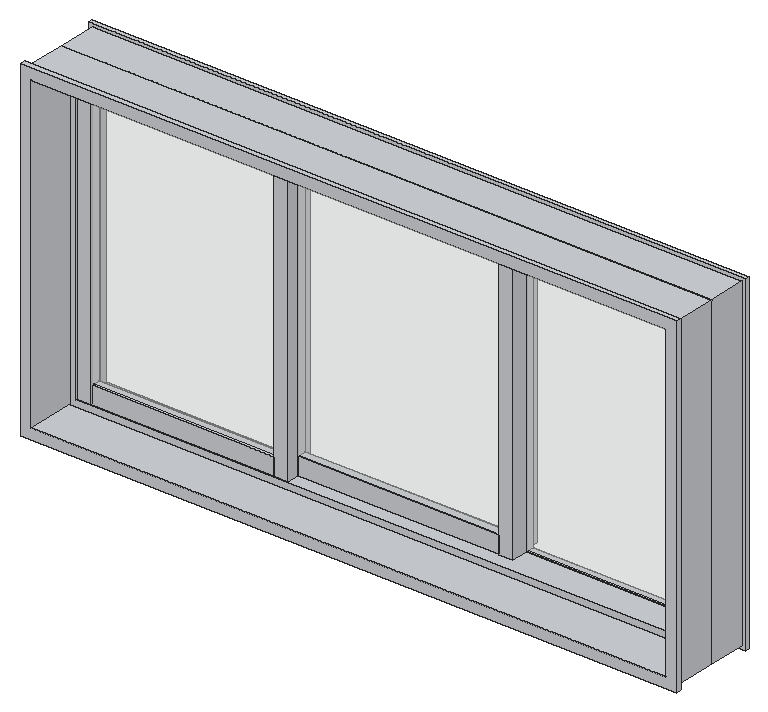
Revit family "APL Residential Thermal Heart Sliding Window SSF", category Windows, host Wall, Revit 2017 (continued)
Definition of nested family "APL Residential Thermal Heart Sliding Window SSF Vertical Section"
  Definition of nested family "Three Panel Sill"
    Definition of nested family "65390_Frame Sill"
      Lines and regions (mm)
        model lines, in view "Ref. Level"
          curve 441: arc (74.145, 4.9, 0) -> (74.718, 4.719, 0) -> (75.084, 4.242, 0) r 1
          curve 442: arc (75.877, 2.063, 0) -> (76.024, 1.872, 0) -> (76.253, 1.8, 0) r 0.4
          curve 443: arc (78.947, 1.8, 0) -> (79.176, 1.872, 0) -> (79.323, 2.063, 0) r 0.4
          curve 444: arc (80.116, 4.242, 0) -> (80.482, 4.719, 0) -> (81.055, 4.9, 0) r 1
          curve 445: arc (81.978, 4.9, 0) -> (82.289, 4.941, 0) -> (82.579, 5.061, 0) r 1.2
          curve 446: arc (84.107, 5.946, 0) -> (84.204, 5.986, 0) -> (84.307, 6, 0) r 0.4
          curve 447: arc (84.6, 6, 0) -> (84.883, 5.883, 0) -> (85, 5.6, 0) r 0.4
          curve 448: arc (85, 2.2, 0) -> (84.883, 1.917, 0) -> (84.6, 1.8, 0) r 0.4
          curve 449: arc (84.307, 1.8, 0) -> (84.204, 1.814, 0) -> (84.107, 1.854, 0) r 0.4
          curve 450: arc (82.579, 2.738, 0) -> (82.285, 2.86, 0) -> (81.97, 2.9, 0) r 1.2
          curve 451: arc (81.97, 2.9, 0) -> (81.795, 2.847, 0) -> (81.684, 2.703, 0) r 0.3
          curve 452: arc (80.796, 0.263, 0) -> (80.649, 0.072, 0) -> (80.42, 0, 0) r 0.4
          curve 453: arc (74.78, 0, 0) -> (74.551, 0.072, 0) -> (74.404, 0.263, 0) r 0.4
          curve 454: arc (73.516, 2.703, 0) -> (73.405, 2.847, 0) -> (73.23, 2.9, 0) r 0.3
          curve 455: arc (73.23, 2.9, 0) -> (72.915, 2.86, 0) -> (72.621, 2.738, 0) r 1.2
          curve 456: arc (71.093, 1.854, 0) -> (70.996, 1.814, 0) -> (70.893, 1.8, 0) r 0.4
          curve 457: arc (70.6, 1.8, 0) -> (70.317, 1.917, 0) -> (70.2, 2.2, 0) r 0.4
          curve 458: line (70.6, 6, 0) -> (70.893, 6, 0)
          curve 459: line (71.093, 5.946, 0) -> (72.621, 5.061, 0)
          curve 460: line (73.222, 4.9, 0) -> (74.145, 4.9, 0)
          curve 461: line (75.084, 4.242, 0) -> (75.877, 2.063, 0)
          curve 462: line (76.253, 1.8, 0) -> (78.947, 1.8, 0)
          curve 463: line (79.323, 2.063, 0) -> (80.116, 4.242, 0)
          curve 464: line (81.055, 4.9, 0) -> (81.978, 4.9, 0)
          curve 465: line (82.579, 5.061, 0) -> (84.107, 5.946, 0)
          curve 466: line (84.307, 6, 0) -> (84.6, 6, 0)
          curve 467: line (85, 5.6, 0) -> (85, 2.2, 0)
          curve 468: line (84.6, 1.8, 0) -> (84.307, 1.8, 0)
          curve 469: line (84.107, 1.854, 0) -> (82.579, 2.738, 0)
          curve 470: line (81.684, 2.703, 0) -> (80.796, 0.263, 0)
          curve 471: line (80.42, 0, 0) -> (74.78, 0, 0)
          curve 472: line (74.404, 0.263, 0) -> (73.516, 2.703, 0)
          curve 473: line (72.621, 2.738, 0) -> (71.093, 1.854, 0)
          curve 474: line (70.893, 1.8, 0) -> (70.6, 1.8, 0)
          curve 475: line (70.2, 2.2, 0) -> (70.2, 5.6, 0)
          curve 476: arc (112.9, 34.5, 0) -> (112.841, 34.359, 0) -> (112.7, 34.3, 0) r 0.2
          curve 477: arc (111.7, 34.3, 0) -> (111.559, 34.359, 0) -> (111.5, 34.5, 0) r 0.2
          curve 478: arc (111.5, 35.35, 0) -> (111, 35.85, 0) -> (110.5, 35.35, 0) r 0.5
          curve 479: arc (110.5, 32.8, 0) -> (111, 32.3, 0) -> (111.5, 32.8, 0) r 0.5
          curve 480: arc (111.5, 33.1, 0) -> (111.559, 33.241, 0) -> (111.7, 33.3, 0) r 0.2
          curve 481: arc (112.4, 33.3, 0) -> (112.541, 33.241, 0) -> (112.6, 33.1, 0) r 0.2
          curve 482: arc (114.4, 33.1, 0) -> (114.459, 33.241, 0) -> (114.6, 33.3, 0) r 0.2
          curve 483: arc (115.3, 33.3, 0) -> (115.441, 33.241, 0) -> (115.5, 33.1, 0) r 0.2
          curve 484: arc (115.5, 32.8, 0) -> (116, 32.3, 0) -> (116.5, 32.8, 0) r 0.5
          curve 485: arc (116.5, 35.35, 0) -> (116, 35.85, 0) -> (115.5, 35.35, 0) r 0.5
          curve 486: arc (115.5, 34.5, 0) -> (115.441, 34.359, 0) -> (115.3, 34.3, 0) r 0.2
          curve 487: arc (114.3, 34.3, 0) -> (114.159, 34.359, 0) -> (114.1, 34.5, 0) r 0.2
          curve 488: arc (114.1, 41.8, 0) -> (114.159, 41.941, 0) -> (114.3, 42, 0) r 0.2
          curve 489: arc (115.299, 42, 0) -> (115.441, 41.942, 0) -> (115.5, 41.8, 0) r 0.2
          curve 490: arc (115.5, 40.95, 0) -> (116, 40.45, 0) -> (116.5, 40.95, 0) r 0.5
          curve 491: arc (116.5, 42.5, 0) -> (116.354, 42.854, 0) -> (116, 43, 0) r 0.5
          curve 492: arc (111, 43, 0) -> (110.646, 42.854, 0) -> (110.5, 42.5, 0) r 0.5
          curve 493: arc (110.5, 40.95, 0) -> (111, 40.45, 0) -> (111.5, 40.95, 0) r 0.5
          curve 494: arc (111.5, 41.8, 0) -> (111.559, 41.941, 0) -> (111.7, 42, 0) r 0.2
          curve 495: arc (112.7, 42, 0) -> (112.841, 41.941, 0) -> (112.9, 41.8, 0) r 0.2
          curve 496: arc (114.4, 16.5, 0) -> (114.546, 16.146, 0) -> (114.9, 16, 0) r 0.5
          curve 497: arc (117.117, 16, 0) -> (117.422, 15.801, 0) -> (117.695, 16.043, 0) r 0.3
          curve 498: arc (117.695, 16.043, 0) -> (117.761, 16.181, 0) -> (117.887, 16.268, 0) r 0.3
          curve 499: arc (119.297, 16.782, 0) -> (119.583, 16.738, 0) -> (119.699, 16.474, 0) r 0.3
          curve 500: arc (119.492, 14.108, 0) -> (119.465, 14.008, 0) -> (119.405, 13.922, 0) r 0.3
          curve 501: arc (119.041, 13.559, 0) -> (118.848, 13.507, 0) -> (118.707, 13.648, 0) r 0.2
          curve 502: arc (118.662, 13.816, 0) -> (118.61, 13.905, 0) -> (118.521, 13.957, 0) r 0.2
          curve 503: arc (116.3, 14.5, 0) -> (116.02, 14.307, 0) -> (116.1, 13.976, 0) r 0.3
          curve 504: arc (116.1, 13.976, 0) -> (116.174, 13.875, 0) -> (116.2, 13.753, 0) r 0.3
          curve 505: arc (116.006, 9.75, 0) -> (116.042, 9.578, 0) -> (116.2, 9.5, 0) r 0.2
          curve 506: arc (116.721, 9.5, 0) -> (116.802, 9.511, 0) -> (116.877, 9.544, 0) r 0.3
          curve 507: arc (118.131, 10.309, 0) -> (118.128, 10.479, 0) -> (118.234, 10.611, 0) r 0.25
          curve 508: arc (118.32, 10.663, 0) -> (118.572, 10.668, 0) -> (118.7, 10.45, 0) r 0.25
          curve 509: arc (118.7, 8.874, 0) -> (118.618, 8.477, 0) -> (118.385, 8.146, 0) r 1
          curve 510: arc (118.385, 8.146, 0) -> (118.322, 8, 0) -> (118.385, 7.854, 0) r 0.2
          curve 511: arc (118.385, 7.854, 0) -> (118.618, 7.523, 0) -> (118.7, 7.126, 0) r 1
          curve 512: arc (118.7, 5.55, 0) -> (118.572, 5.332, 0) -> (118.32, 5.337, 0) r 0.25
          curve 513: arc (118.234, 5.389, 0) -> (118.128, 5.521, 0) -> (118.131, 5.691, 0) r 0.25
          curve 514: arc (116.877, 6.456, 0) -> (116.802, 6.489, 0) -> (116.721, 6.5, 0) r 0.3
          curve 515: arc (116.2, 6.5, 0) -> (116.042, 6.422, 0) -> (116.006, 6.25, 0) r 0.2
          curve 516: arc (116.2, 2.247, 0) -> (116.174, 2.125, 0) -> (116.1, 2.024, 0) r 0.3
          curve 517: arc (116.1, 2.024, 0) -> (116.02, 1.693, 0) -> (116.3, 1.5, 0) r 0.3
          curve 518: arc (118.521, 2.043, 0) -> (118.61, 2.095, 0) -> (118.662, 2.184, 0) r 0.2
          curve 519: arc (118.707, 2.352, 0) -> (118.848, 2.493, 0) -> (119.041, 2.441, 0) r 0.2
          curve 520: arc (119.405, 2.078, 0) -> (119.465, 1.992, 0) -> (119.492, 1.892, 0) r 0.3
          curve 521: arc (119.699, -0.474, 0) -> (119.583, -0.738, 0) -> (119.297, -0.782, 0) r 0.3
          curve 522: arc (117.887, -0.268, 0) -> (117.761, -0.181, 0) -> (117.695, -0.043, 0) r 0.3
          curve 523: arc (117.695, -0.043, 0) -> (117.422, 0.199, 0) -> (117.117, 0, 0) r 0.3
          curve 524: arc (114.8, 0, 0) -> (114.446, 0.146, 0) -> (114.3, 0.5, 0) r 0.5
          curve 525: arc (114.3, 5, 0) -> (114.241, 5.141, 0) -> (114.1, 5.2, 0) r 0.2
          curve 526: arc (105.3, 5.2, 0) -> (104.946, 5.346, 0) -> (104.8, 5.7, 0) r 0.5
          curve 527: arc (104.8, 6.2, 0) -> (104.946, 6.554, 0) -> (105.3, 6.7, 0) r 0.5
          curve 528: arc (106.727, 6.7, 0) -> (107.066, 6.833, 0) -> (107.226, 7.16, 0) r 0.5
          curve 529: arc (107.226, 7.16, 0) -> (107.712, 7.803, 0) -> (108.5, 7.634, 0) r 0.75
          curve 530: arc (108.5, 7.634, 0) -> (109.8, 7.1, 0) -> (111.1, 7.634, 0) r 1.85
          curve 531: arc (111.1, 7.634, 0) -> (111.242, 7.744, 0) -> (111.407, 7.817, 0) r 0.75
          curve 532: arc (111.407, 7.817, 0) -> (111.591, 7.92, 0) -> (111.716, 8.09, 0) r 0.5
          curve 533: arc (111.716, 8.09, 0) -> (111.9, 8.95, 0) -> (111.716, 9.81, 0) r 2.1
          curve 534: arc (111.716, 9.81, 0) -> (111.591, 9.98, 0) -> (111.407, 10.083, 0) r 0.5
          curve 535: arc (111.407, 10.083, 0) -> (111.242, 10.156, 0) -> (111.1, 10.266, 0) r 0.75
          curve 536: arc (111.1, 10.266, 0) -> (109.8, 10.8, 0) -> (108.5, 10.266, 0) r 1.85
          curve 537: arc (108.5, 10.266, 0) -> (107.831, 10.064, 0) -> (107.286, 10.5, 0) r 0.75
          curve 538: arc (107.286, 10.5, 0) -> (107.101, 10.718, 0) -> (106.827, 10.8, 0) r 0.5
          curve 539: arc (102.3, 10.8, 0) -> (101.25, 11.081, 0) -> (100.481, 11.85, 0) r 2.1
          curve 540: arc (100.481, 11.85, 0) -> (100.298, 12.033, 0) -> (100.048, 12.1, 0) r 0.5
          curve 541: arc (91.556, 12.1, 0) -> (91.287, 12.022, 0) -> (91.103, 11.812, 0) r 0.5
          curve 542: arc (91.103, 11.812, 0) -> (90.328, 10.929, 0) -> (89.2, 10.6, 0) r 2.1
          curve 543: arc (87.9, 10.6, 0) -> (87.193, 10.307, 0) -> (86.9, 9.6, 0) r 1
          curve 544: arc (86.9, 0.5, 0) -> (86.754, 0.146, 0) -> (86.4, 0, 0) r 0.5
          curve 545: arc (84.083, 0, 0) -> (83.778, 0.199, 0) -> (83.505, -0.043, 0) r 0.3
          curve 546: arc (83.505, -0.043, 0) -> (83.439, -0.181, 0) -> (83.313, -0.268, 0) r 0.3
          curve 547: arc (81.903, -0.782, 0) -> (81.617, -0.738, 0) -> (81.501, -0.474, 0) r 0.3
          curve 548: arc (81.708, 1.892, 0) -> (81.735, 1.992, 0) -> (81.795, 2.078, 0) r 0.3
          curve 549: arc (82.159, 2.441, 0) -> (82.352, 2.493, 0) -> (82.493, 2.352, 0) r 0.2
          curve 550: arc (82.538, 2.184, 0) -> (82.59, 2.095, 0) -> (82.679, 2.043, 0) r 0.2
          curve 551: arc (84.9, 1.5, 0) -> (85.18, 1.693, 0) -> (85.1, 2.024, 0) r 0.3
          curve 552: arc (85.1, 2.024, 0) -> (85.026, 2.125, 0) -> (85, 2.247, 0) r 0.3
          curve 553: arc (85.194, 6.25, 0) -> (85.158, 6.422, 0) -> (85, 6.5, 0) r 0.2
          curve 554: arc (84.479, 6.5, 0) -> (84.398, 6.489, 0) -> (84.323, 6.456, 0) r 0.3
          curve 555: arc (83.069, 5.691, 0) -> (83.072, 5.521, 0) -> (82.966, 5.389, 0) r 0.25
          curve 556: arc (82.88, 5.337, 0) -> (82.628, 5.332, 0) -> (82.5, 5.55, 0) r 0.25
          curve 557: arc (82.5, 7.126, 0) -> (82.582, 7.523, 0) -> (82.815, 7.854, 0) r 1
          curve 558: arc (82.815, 7.854, 0) -> (82.878, 8, 0) -> (82.815, 8.146, 0) r 0.2
          curve 559: arc (82.815, 8.146, 0) -> (82.582, 8.477, 0) -> (82.5, 8.874, 0) r 1
          curve 560: arc (82.5, 10.45, 0) -> (82.628, 10.668, 0) -> (82.88, 10.663, 0) r 0.25
          curve 561: arc (82.966, 10.611, 0) -> (83.072, 10.479, 0) -> (83.069, 10.309, 0) r 0.25
          curve 562: arc (84.323, 9.544, 0) -> (84.398, 9.511, 0) -> (84.479, 9.5, 0) r 0.3
          curve 563: arc (85, 9.5, 0) -> (85.158, 9.578, 0) -> (85.194, 9.75, 0) r 0.2
          curve 564: arc (85, 13.753, 0) -> (85.026, 13.875, 0) -> (85.1, 13.976, 0) r 0.3
          curve 565: arc (85.1, 13.976, 0) -> (85.18, 14.307, 0) -> (84.9, 14.5, 0) r 0.3
          curve 566: arc (82.679, 13.957, 0) -> (82.59, 13.905, 0) -> (82.538, 13.816, 0) r 0.2
          curve 567: arc (82.493, 13.648, 0) -> (82.352, 13.507, 0) -> (82.159, 13.559, 0) r 0.2
          curve 568: arc (81.795, 13.922, 0) -> (81.735, 14.008, 0) -> (81.708, 14.108, 0) r 0.3
          curve 569: arc (81.501, 16.474, 0) -> (81.617, 16.738, 0) -> (81.903, 16.782, 0) r 0.3
          curve 570: arc (83.313, 16.268, 0) -> (83.439, 16.181, 0) -> (83.505, 16.043, 0) r 0.3
          curve 571: arc (83.505, 16.043, 0) -> (83.778, 15.801, 0) -> (84.083, 16, 0) r 0.3
          curve 572: arc (86.7, 16, 0) -> (86.841, 15.941, 0) -> (86.9, 15.8, 0) r 0.2
          curve 573: arc (86.9, 12.7, 0) -> (86.959, 12.559, 0) -> (87.1, 12.5, 0) r 0.2
          curve 574: arc (89.2, 12.5, 0) -> (89.341, 12.559, 0) -> (89.4, 12.7, 0) r 0.2
          curve 575: arc (89.4, 13.8, 0) -> (89.459, 13.941, 0) -> (89.6, 14, 0) r 0.2
          curve 576: arc (101.9, 14, 0) -> (102.042, 13.941, 0) -> (102.1, 13.8, 0) r 0.2
          curve 577: arc (102.1, 12.9, 0) -> (102.159, 12.759, 0) -> (102.3, 12.7, 0) r 0.2
          curve 578: arc (109.1, 12.7, 0) -> (109.454, 12.846, 0) -> (109.6, 13.2, 0) r 0.5
          curve 579: arc (109.6, 14.5, 0) -> (109.541, 14.641, 0) -> (109.4, 14.7, 0) r 0.2
          curve 580: arc (107.3, 14.7, 0) -> (107.159, 14.759, 0) -> (107.1, 14.9, 0) r 0.2
          curve 581: arc (107.1, 15.8, 0) -> (107.159, 15.941, 0) -> (107.3, 16, 0) r 0.2
          curve 582: arc (112.1, 16, 0) -> (112.454, 16.146, 0) -> (112.6, 16.5, 0) r 0.5
          curve 583: line (112.7, 34.3, 0) -> (111.7, 34.3, 0)
          curve 584: line (111.5, 34.5, 0) -> (111.5, 35.35, 0)
          curve 585: line (110.5, 35.35, 0) -> (110.5, 32.8, 0)
          curve 586: line (111.5, 32.8, 0) -> (111.5, 33.1, 0)
          curve 587: line (111.7, 33.3, 0) -> (112.4, 33.3, 0)
          curve 588: line (112.6, 33.1, 0) -> (112.6, 22.5, 0)
          curve 589: line (112.6, 22.5, 0) -> (114.4, 22.5, 0)
          curve 590: line (114.4, 22.5, 0) -> (114.4, 33.1, 0)
          curve 591: line (114.6, 33.3, 0) -> (115.3, 33.3, 0)
          curve 592: line (115.5, 33.1, 0) -> (115.5, 32.8, 0)
          curve 593: line (116.5, 32.8, 0) -> (116.5, 35.35, 0)
          curve 594: line (115.5, 35.35, 0) -> (115.5, 34.5, 0)
          curve 595: line (115.3, 34.3, 0) -> (114.3, 34.3, 0)
          curve 596: line (114.1, 34.5, 0) -> (114.1, 41.8, 0)
          curve 597: line (114.3, 42, 0) -> (115.299, 42, 0)
          curve 598: line (115.5, 41.8, 0) -> (115.5, 40.95, 0)
          curve 599: line (116.5, 40.95, 0) -> (116.5, 42.5, 0)
          curve 600: line (116, 43, 0) -> (111, 43, 0)
          curve 601: line (110.5, 42.5, 0) -> (110.5, 40.95, 0)
          curve 602: line (111.5, 40.95, 0) -> (111.5, 41.8, 0)
          curve 603: line (111.7, 42, 0) -> (112.7, 42, 0)
          curve 604: line (112.9, 41.8, 0) -> (112.9, 34.5, 0)
          curve 605: line (112.6, 22.5, 0) -> (112.6, 16.5, 0)
          curve 606: line (112.6, 16.5, 0) -> (114.4, 16.5, 0)
          curve 607: line (114.4, 16.5, 0) -> (114.4, 22.5, 0)
          curve 608: line (114.9, 16, 0) -> (117.117, 16, 0)
          curve 609: line (117.887, 16.268, 0) -> (119.297, 16.782, 0)
          curve 610: line (119.699, 16.474, 0) -> (119.492, 14.108, 0)
          curve 611: line (119.405, 13.922, 0) -> (119.041, 13.559, 0)
          curve 612: line (118.707, 13.648, 0) -> (118.662, 13.816, 0)
          curve 613: line (118.662, 13.816, 0) -> (116.532, 14.49, 0)
          curve 614: line (116.532, 14.49, 0) -> (116.3, 14.5, 0)
          curve 615: line (116.2, 13.753, 0) -> (116.2, 10.525, 0)
          curve 616: line (116.2, 10.525, 0) -> (116.006, 9.75, 0)
          curve 617: line (116.2, 9.5, 0) -> (116.721, 9.5, 0)
          curve 618: line (116.721, 9.5, 0) -> (118.131, 10.309, 0)
          curve 619: line (118.7, 10.45, 0) -> (118.7, 8.874, 0)
          curve 620: line (118.7, 7.126, 0) -> (118.7, 5.55, 0)
          curve 621: line (118.131, 5.691, 0) -> (116.877, 6.456, 0)
          curve 622: line (116.877, 6.456, 0) -> (116.2, 6.5, 0)
          curve 623: line (116.006, 6.25, 0) -> (116.2, 5.5, 0)
          curve 624: line (116.194, 5.525, 0) -> (116.2, 2.247, 0)
          curve 625: line (116.454, 1.5, 0) -> (118.521, 2.043, 0)
          curve 626: line (118.521, 2.043, 0) -> (118.707, 2.352, 0)
          curve 627: line (119.041, 2.441, 0) -> (119.405, 2.078, 0)
          curve 628: line (119.492, 1.892, 0) -> (119.699, -0.474, 0)
          curve 629: line (119.297, -0.782, 0) -> (117.887, -0.268, 0)
          curve 630: line (117.117, 0, 0) -> (114.8, 0, 0)
          curve 631: line (114.3, 0.5, 0) -> (114.3, 5, 0)
          curve 632: line (114.1, 5.2, 0) -> (105.3, 5.2, 0)
          curve 633: line (104.8, 5.7, 0) -> (104.8, 6.2, 0)
          curve 634: line (105.3, 6.7, 0) -> (106.727, 6.7, 0)
          curve 635: line (106.827, 10.8, 0) -> (102.3, 10.8, 0)
          curve 636: line (100.048, 12.1, 0) -> (91.556, 12.1, 0)
          curve 637: line (89.2, 10.6, 0) -> (87.9, 10.6, 0)
          curve 638: line (86.9, 9.6, 0) -> (86.9, 0.5, 0)
          curve 639: line (86.4, 0, 0) -> (84.083, 0, 0)
          curve 640: line (83.313, -0.268, 0) -> (81.903, -0.782, 0)
          curve 641: line (81.501, -0.474, 0) -> (81.708, 1.892, 0)
          curve 642: line (81.795, 2.078, 0) -> (82.159, 2.441, 0)
          curve 643: line (82.493, 2.352, 0) -> (82.538, 2.184, 0)
          curve 644: line (82.538, 2.184, 0) -> (84.668, 1.51, 0)
          curve 645: line (84.668, 1.51, 0) -> (84.9, 1.5, 0)
          curve 646: line (85, 2.247, 0) -> (85, 5.475, 0)
          curve 647: line (85, 5.475, 0) -> (85.194, 6.25, 0)
          curve 648: line (85, 6.5, 0) -> (84.479, 6.5, 0)
          curve 649: line (84.479, 6.5, 0) -> (83.069, 5.691, 0)
          curve 650: line (82.5, 5.55, 0) -> (82.5, 7.126, 0)
          curve 651: line (82.5, 8.874, 0) -> (82.5, 10.45, 0)
          curve 652: line (83.069, 10.309, 0) -> (84.323, 9.544, 0)
          curve 653: line (84.323, 9.544, 0) -> (85, 9.5, 0)
          curve 654: line (85.194, 9.75, 0) -> (85.006, 10.475, 0)
          curve 655: line (85.006, 10.475, 0) -> (85, 13.753, 0)
          curve 656: line (84.746, 14.5, 0) -> (82.679, 13.957, 0)
          curve 657: line (82.679, 13.957, 0) -> (82.493, 13.648, 0)
          curve 658: line (82.159, 13.559, 0) -> (81.795, 13.922, 0)
          curve 659: line (81.708, 14.108, 0) -> (81.501, 16.474, 0)
          curve 660: line (81.903, 16.782, 0) -> (83.313, 16.268, 0)
          curve 661: line (84.083, 16, 0) -> (86.7, 16, 0)
          curve 662: line (86.9, 15.8, 0) -> (86.9, 12.7, 0)
          curve 663: line (87.1, 12.5, 0) -> (89.2, 12.5, 0)
          curve 664: line (89.4, 12.7, 0) -> (89.4, 13.8, 0)
          curve 665: line (89.6, 14, 0) -> (95.4, 14, 0)
          curve 666: line (95.4, 14, 0) -> (95.8, 13.6, 0)
          curve 667: line (95.8, 13.6, 0) -> (96.2, 14, 0)
          curve 668: line (96.2, 14, 0) -> (101.9, 14, 0)
          curve 669: line (102.1, 13.8, 0) -> (102.1, 12.9, 0)
          curve 670: line (102.3, 12.7, 0) -> (109.1, 12.7, 0)
          curve 671: line (109.6, 13.2, 0) -> (109.6, 14.5, 0)
          curve 672: line (109.4, 14.7, 0) -> (107.3, 14.7, 0)
          curve 673: line (107.1, 14.9, 0) -> (107.1, 15.8, 0)
          curve 674: line (107.3, 16, 0) -> (112.1, 16, 0)
          curve 675: arc (159.4, 35.877, 0) -> (159.327, 35.95, 0) -> (159.3, 36.05, 0) r 0.2
          curve 676: arc (159.3, 40.25, 0) -> (159.327, 40.35, 0) -> (159.4, 40.423, 0) r 0.2
          curve 677: arc (159.4, 40.423, 0) -> (159.473, 40.496, 0) -> (159.5, 40.596, 0) r 0.2
          curve 678: arc (159.5, 41.8, 0) -> (159.441, 41.941, 0) -> (159.3, 42, 0) r 0.2
          curve 679: arc (157.701, 42, 0) -> (157.559, 41.942, 0) -> (157.5, 41.8, 0) r 0.2
          curve 680: arc (157.5, 40.95, 0) -> (157, 40.451, 0) -> (156.5, 40.95, 0) r 0.5
          curve 681: arc (156.5, 42.5, 0) -> (156.646, 42.854, 0) -> (157, 43, 0) r 0.499
          curve 682: arc (160.5, 43, 0) -> (160.847, 42.847, 0) -> (161, 42.5, 0) r 0.523
          curve 683: arc (161, 21.5, 0) -> (160.856, 21.144, 0) -> (160.5, 21, 0) r 0.493
          curve 684: arc (157.7, 21, 0) -> (157.558, 20.942, 0) -> (157.5, 20.8, 0) r 0.199
          curve 685: arc (157.5, 13.199, 0) -> (156.852, 11.559, 0) -> (155.258, 10.805, 0) r 2.399
          curve 686: arc (155.258, 10.805, 0) -> (154.878, 10.588, 0) -> (154.814, 10.156, 0) r 0.5
          curve 687: arc (154.814, 10.156, 0) -> (155, 8.953, 0) -> (154.816, 7.75, 0) r 4
          curve 688: arc (154.816, 7.75, 0) -> (154.89, 7.304, 0) -> (155.293, 7.1, 0) r 0.5
          curve 689: arc (155.5, 7.1, 0) -> (156.914, 6.514, 0) -> (157.5, 5.1, 0) r 2.001
          curve 690: arc (166.75, 1.5, 0) -> (167.501, 0.747, 0) -> (166.745, 0, 0) r 0.75
          curve 691: arc (157.5, 0, 0) -> (156.439, 0.439, 0) -> (156, 1.5, 0) r 1.5
          curve 692: arc (156, 5, 0) -> (155.941, 5.141, 0) -> (155.8, 5.2, 0) r 0.2
          curve 693: arc (146.5, 5.2, 0) -> (146.146, 5.346, 0) -> (146, 5.7, 0) r 0.5
          curve 694: arc (146, 6.2, 0) -> (146.146, 6.554, 0) -> (146.5, 6.7, 0) r 0.5
          curve 695: arc (147.927, 6.7, 0) -> (148.266, 6.833, 0) -> (148.426, 7.16, 0) r 0.5
          curve 696: arc (148.426, 7.16, 0) -> (148.912, 7.803, 0) -> (149.7, 7.634, 0) r 0.75
          curve 697: arc (149.7, 7.634, 0) -> (151, 7.1, 0) -> (152.3, 7.634, 0) r 1.85
          curve 698: arc (152.3, 7.634, 0) -> (152.442, 7.744, 0) -> (152.607, 7.817, 0) r 0.75
          curve 699: arc (152.607, 7.817, 0) -> (152.791, 7.92, 0) -> (152.916, 8.09, 0) r 0.5
          curve 700: arc (152.916, 8.09, 0) -> (153.1, 8.95, 0) -> (152.916, 9.81, 0) r 2.1
          curve 701: arc (152.916, 9.81, 0) -> (152.791, 9.98, 0) -> (152.607, 10.083, 0) r 0.5
          curve 702: arc (152.607, 10.083, 0) -> (152.442, 10.156, 0) -> (152.3, 10.266, 0) r 0.75
          curve 703: arc (152.3, 10.266, 0) -> (151, 10.8, 0) -> (149.7, 10.266, 0) r 1.85
          curve 704: arc (149.7, 10.266, 0) -> (149.027, 10.064, 0) -> (148.482, 10.509, 0) r 0.75
          curve 705: arc (148.482, 10.509, 0) -> (148.32, 10.716, 0) -> (148.075, 10.812, 0) r 0.5
          curve 706: arc (148.075, 10.812, 0) -> (147.154, 11.14, 0) -> (146.481, 11.85, 0) r 2.1
          curve 707: arc (146.481, 11.85, 0) -> (146.298, 12.033, 0) -> (146.048, 12.1, 0) r 0.5
          curve 708: arc (137.556, 12.1, 0) -> (137.287, 12.022, 0) -> (137.103, 11.812, 0) r 0.5
          curve 709: arc (137.103, 11.812, 0) -> (136.328, 10.929, 0) -> (135.2, 10.6, 0) r 2.1
          curve 710: arc (133.9, 10.6, 0) -> (133.193, 10.307, 0) -> (132.9, 9.6, 0) r 1
          curve 711: arc (132.9, 0.5, 0) -> (132.754, 0.146, 0) -> (132.4, 0, 0) r 0.5
          curve 712: arc (130.083, 0, 0) -> (129.778, 0.199, 0) -> (129.505, -0.043, 0) r 0.3
          curve 713: arc (129.505, -0.043, 0) -> (129.439, -0.181, 0) -> (129.313, -0.268, 0) r 0.3
          curve 714: arc (127.903, -0.782, 0) -> (127.617, -0.738, 0) -> (127.501, -0.474, 0) r 0.3
          curve 715: arc (127.708, 1.892, 0) -> (127.735, 1.992, 0) -> (127.795, 2.078, 0) r 0.3
          curve 716: arc (128.159, 2.441, 0) -> (128.352, 2.493, 0) -> (128.493, 2.352, 0) r 0.2
          curve 717: arc (128.538, 2.184, 0) -> (128.59, 2.095, 0) -> (128.679, 2.043, 0) r 0.2
          curve 718: arc (130.9, 1.5, 0) -> (131.18, 1.693, 0) -> (131.1, 2.024, 0) r 0.3
          curve 719: arc (131.1, 2.024, 0) -> (131.026, 2.125, 0) -> (131, 2.247, 0) r 0.3
          curve 720: arc (131.194, 6.25, 0) -> (131.158, 6.422, 0) -> (131, 6.5, 0) r 0.2
          curve 721: arc (130.479, 6.5, 0) -> (130.398, 6.489, 0) -> (130.323, 6.456, 0) r 0.3
          curve 722: arc (129.069, 5.691, 0) -> (129.072, 5.521, 0) -> (128.966, 5.389, 0) r 0.25
          curve 723: arc (128.88, 5.337, 0) -> (128.628, 5.332, 0) -> (128.5, 5.55, 0) r 0.25
          curve 724: arc (128.5, 7.126, 0) -> (128.582, 7.523, 0) -> (128.815, 7.854, 0) r 1
          curve 725: arc (128.815, 7.854, 0) -> (128.878, 8, 0) -> (128.815, 8.146, 0) r 0.2
          curve 726: arc (128.815, 8.146, 0) -> (128.582, 8.477, 0) -> (128.5, 8.874, 0) r 1
          curve 727: arc (128.5, 10.45, 0) -> (128.628, 10.668, 0) -> (128.88, 10.663, 0) r 0.25
          curve 728: arc (128.966, 10.611, 0) -> (129.072, 10.479, 0) -> (129.069, 10.309, 0) r 0.25
          curve 729: arc (130.323, 9.544, 0) -> (130.398, 9.511, 0) -> (130.479, 9.5, 0) r 0.3
          curve 730: arc (131, 9.5, 0) -> (131.158, 9.578, 0) -> (131.194, 9.75, 0) r 0.2
          curve 731: arc (131, 13.753, 0) -> (131.026, 13.875, 0) -> (131.1, 13.976, 0) r 0.3
          curve 732: arc (131.1, 13.976, 0) -> (131.18, 14.307, 0) -> (130.9, 14.5, 0) r 0.3
          curve 733: arc (128.679, 13.957, 0) -> (128.59, 13.905, 0) -> (128.538, 13.816, 0) r 0.2
          curve 734: arc (128.493, 13.648, 0) -> (128.352, 13.507, 0) -> (128.159, 13.559, 0) r 0.2
          curve 735: arc (127.795, 13.922, 0) -> (127.735, 14.008, 0) -> (127.708, 14.108, 0) r 0.3
          curve 736: arc (127.501, 16.474, 0) -> (127.617, 16.738, 0) -> (127.903, 16.782, 0) r 0.3
          curve 737: arc (129.313, 16.268, 0) -> (129.439, 16.181, 0) -> (129.505, 16.043, 0) r 0.3
          curve 738: arc (129.505, 16.043, 0) -> (129.778, 15.801, 0) -> (130.083, 16, 0) r 0.3
          curve 739: arc (132.7, 16, 0) -> (132.841, 15.941, 0) -> (132.9, 15.8, 0) r 0.2
          curve 740: arc (132.9, 12.7, 0) -> (132.959, 12.559, 0) -> (133.1, 12.5, 0) r 0.2
          curve 741: arc (135.2, 12.5, 0) -> (135.341, 12.559, 0) -> (135.4, 12.7, 0) r 0.2
          curve 742: arc (135.4, 13.8, 0) -> (135.459, 13.941, 0) -> (135.6, 14, 0) r 0.2
          curve 743: arc (147.9, 14, 0) -> (148.042, 13.941, 0) -> (148.1, 13.8, 0) r 0.2
          curve 744: arc (148.1, 12.9, 0) -> (148.159, 12.759, 0) -> (148.3, 12.7, 0) r 0.2
          curve 745: arc (155.1, 12.7, 0) -> (155.454, 12.846, 0) -> (155.6, 13.2, 0) r 0.5
          curve 746: arc (155.6, 14.5, 0) -> (155.541, 14.641, 0) -> (155.4, 14.7, 0) r 0.2
          curve 747: arc (153.3, 14.7, 0) -> (153.159, 14.759, 0) -> (153.1, 14.9, 0) r 0.2
          curve 748: arc (153.1, 15.8, 0) -> (153.159, 15.941, 0) -> (153.3, 16, 0) r 0.2
          curve 749: arc (155.5, 16, 0) -> (155.854, 16.146, 0) -> (156, 16.5, 0) r 0.5
          curve 750: arc (156, 22.8, 0) -> (156.146, 23.154, 0) -> (156.5, 23.3, 0) r 0.5
          curve 751: arc (157.3, 23.3, 0) -> (157.441, 23.241, 0) -> (157.5, 23.1, 0) r 0.2
          curve 752: arc (159.3, 22.3, 0) -> (159.441, 22.359, 0) -> (159.5, 22.5, 0) r 0.2
          curve 753: arc (159.5, 27.4, 0) -> (159.1, 27.8, 0) -> (159.5, 28.2, 0) r 0.4
          curve 754: arc (159.5, 33.1, 0) -> (159.441, 33.241, 0) -> (159.3, 33.3, 0) r 0.2
          curve 755: arc (157.5, 32.7, 0) -> (157.383, 32.417, 0) -> (157.1, 32.3, 0) r 0.4
          curve 756: arc (157, 32.3, 0) -> (156.646, 32.447, 0) -> (156.5, 32.8, 0) r 0.5
          curve 757: arc (156.5, 35.35, 0) -> (157, 35.85, 0) -> (157.5, 35.35, 0) r 0.5
          curve 758: arc (157.5, 34.5, 0) -> (157.559, 34.359, 0) -> (157.7, 34.3, 0) r 0.2
          curve 759: arc (159.3, 34.3, 0) -> (159.441, 34.359, 0) -> (159.5, 34.5, 0) r 0.2
          curve 760: line (159.3, 36.05, 0) -> (159.3, 40.25, 0)
          curve 761: line (159.5, 40.596, 0) -> (159.5, 41.8, 0)
          curve 762: line (159.3, 42, 0) -> (157.701, 42, 0)
          curve 763: line (157.5, 41.8, 0) -> (157.5, 40.95, 0)
          curve 764: line (156.5, 40.95, 0) -> (156.5, 42.5, 0)
          curve 765: line (157, 43, 0) -> (160.5, 43, 0)
          curve 766: line (161, 42.5, 0) -> (161, 21.5, 0)
          curve 767: line (160.5, 21, 0) -> (157.7, 21, 0)
          curve 768: line (157.5, 20.8, 0) -> (157.5, 13.199, 0)
          curve 769: line (155.293, 7.1, 0) -> (155.5, 7.1, 0)
          curve 770: line (157.5, 5.1, 0) -> (157.5, 1.5, 0)
          curve 771: line (157.5, 1.5, 0) -> (166.75, 1.5, 0)
          curve 772: line (166.745, 0, 0) -> (165, 0, 0)
          curve 773: line (165, 0, 0) -> (164.6, 0.4, 0)
          curve 774: line (164.6, 0.4, 0) -> (158.3, 0.4, 0)
          curve 775: line (158.3, 0.4, 0) -> (157.9, 0, 0)
          curve 776: line (157.9, 0, 0) -> (157.5, 0, 0)
          curve 777: line (156, 1.5, 0) -> (156, 5, 0)
          curve 778: line (155.8, 5.2, 0) -> (146.5, 5.2, 0)
          curve 779: line (146, 5.7, 0) -> (146, 6.2, 0)
          curve 780: line (146.5, 6.7, 0) -> (147.927, 6.7, 0)
          curve 781: line (146.048, 12.1, 0) -> (137.556, 12.1, 0)
          curve 782: line (135.2, 10.6, 0) -> (133.9, 10.6, 0)
          curve 783: line (132.9, 9.6, 0) -> (132.9, 0.5, 0)
          curve 784: line (132.4, 0, 0) -> (130.083, 0, 0)
          curve 785: line (129.313, -0.268, 0) -> (127.903, -0.782, 0)
          curve 786: line (127.501, -0.474, 0) -> (127.708, 1.892, 0)
          curve 787: line (127.795, 2.078, 0) -> (128.159, 2.441, 0)
          curve 788: line (128.493, 2.352, 0) -> (128.538, 2.184, 0)
          curve 789: line (128.538, 2.184, 0) -> (130.668, 1.51, 0)
          curve 790: line (130.668, 1.51, 0) -> (130.9, 1.5, 0)
          curve 791: line (131, 2.247, 0) -> (131, 5.475, 0)
          curve 792: line (131, 5.475, 0) -> (131.194, 6.25, 0)
          curve 793: line (131, 6.5, 0) -> (130.479, 6.5, 0)
          curve 794: line (130.479, 6.5, 0) -> (129.069, 5.691, 0)
          curve 795: line (128.5, 5.55, 0) -> (128.5, 7.126, 0)
          curve 796: line (128.5, 8.874, 0) -> (128.5, 10.45, 0)
          curve 797: line (129.069, 10.309, 0) -> (130.323, 9.544, 0)
          curve 798: line (130.323, 9.544, 0) -> (131, 9.5, 0)
          curve 799: line (131.194, 9.75, 0) -> (131.006, 10.475, 0)
          curve 800: line (131.006, 10.475, 0) -> (131, 13.753, 0)
          curve 801: line (130.746, 14.5, 0) -> (128.679, 13.957, 0)
          curve 802: line (128.679, 13.957, 0) -> (128.493, 13.648, 0)
          curve 803: line (128.159, 13.559, 0) -> (127.795, 13.922, 0)
          curve 804: line (127.708, 14.108, 0) -> (127.501, 16.474, 0)
          curve 805: line (127.903, 16.782, 0) -> (129.313, 16.268, 0)
          curve 806: line (130.083, 16, 0) -> (132.7, 16, 0)
          curve 807: line (132.9, 15.8, 0) -> (132.9, 12.7, 0)
          curve 808: line (133.1, 12.5, 0) -> (135.2, 12.5, 0)
          curve 809: line (135.4, 12.7, 0) -> (135.4, 13.8, 0)
          curve 810: line (135.6, 14, 0) -> (141.4, 14, 0)
          curve 811: line (141.4, 14, 0) -> (141.8, 13.6, 0)
          curve 812: line (141.8, 13.6, 0) -> (142.2, 14, 0)
          curve 813: line (142.2, 14, 0) -> (147.9, 14, 0)
          curve 814: line (148.1, 13.8, 0) -> (148.1, 12.9, 0)
          curve 815: line (148.3, 12.7, 0) -> (155.1, 12.7, 0)
          curve 816: line (155.6, 13.2, 0) -> (155.6, 14.5, 0)
          curve 817: line (155.4, 14.7, 0) -> (153.3, 14.7, 0)
          curve 818: line (153.1, 14.9, 0) -> (153.1, 15.8, 0)
          curve 819: line (153.3, 16, 0) -> (155.5, 16, 0)
          curve 820: line (156, 16.5, 0) -> (156, 22.8, 0)
          curve 821: line (156.5, 23.3, 0) -> (157.3, 23.3, 0)
          curve 822: line (157.5, 23.1, 0) -> (157.5, 22.3, 0)
          curve 823: line (157.5, 22.3, 0) -> (159.3, 22.3, 0)
          curve 824: line (159.5, 22.5, 0) -> (159.5, 27.4, 0)
          curve 825: line (159.5, 28.2, 0) -> (159.5, 33.1, 0)
          curve 826: line (159.3, 33.3, 0) -> (157.5, 33.3, 0)
          curve 827: line (157.5, 33.3, 0) -> (157.5, 32.7, 0)
          curve 828: line (156.5, 32.8, 0) -> (156.5, 35.35, 0)
          curve 829: line (157.5, 35.35, 0) -> (157.5, 34.5, 0)
          curve 830: line (157.7, 34.3, 0) -> (159.3, 34.3, 0)
          curve 831: line (159.5, 34.5, 0) -> (159.5, 35.704, 0)
          curve 832: arc (159.5, 35.704, 0) -> (159.473, 35.804, 0) -> (159.4, 35.877, 0) r 0.2
          curve 833: arc (116.2, 10.4, 0) -> (116.317, 10.117, 0) -> (116.6, 10, 0) r 0.4
          curve 834: arc (116.893, 10, 0) -> (116.996, 10.014, 0) -> (117.093, 10.054, 0) r 0.4
          curve 835: arc (118.621, 10.939, 0) -> (118.911, 11.059, 0) -> (119.222, 11.1, 0) r 1.2
          curve 836: arc (120.145, 11.1, 0) -> (120.718, 11.281, 0) -> (121.084, 11.758, 0) r 1
          curve 837: arc (121.877, 13.937, 0) -> (122.024, 14.128, 0) -> (122.253, 14.2, 0) r 0.4
          curve 838: arc (124.947, 14.2, 0) -> (125.176, 14.128, 0) -> (125.323, 13.937, 0) r 0.4
          curve 839: arc (126.116, 11.758, 0) -> (126.482, 11.281, 0) -> (127.055, 11.1, 0) r 1
          curve 840: arc (127.978, 11.1, 0) -> (128.289, 11.059, 0) -> (128.579, 10.939, 0) r 1.2
          curve 841: arc (130.107, 10.054, 0) -> (130.204, 10.014, 0) -> (130.307, 10, 0) r 0.4
          curve 842: arc (130.6, 10, 0) -> (130.883, 10.117, 0) -> (131, 10.4, 0) r 0.4
          curve 843: arc (131, 13.8, 0) -> (130.883, 14.083, 0) -> (130.6, 14.2, 0) r 0.4
          curve 844: arc (130.307, 14.2, 0) -> (130.204, 14.186, 0) -> (130.107, 14.146, 0) r 0.4
          curve 845: arc (128.579, 13.261, 0) -> (128.285, 13.14, 0) -> (127.97, 13.1, 0) r 1.2
          curve 846: arc (127.97, 13.1, 0) -> (127.795, 13.153, 0) -> (127.684, 13.297, 0) r 0.3
          curve 847: arc (126.796, 15.737, 0) -> (126.649, 15.928, 0) -> (126.42, 16, 0) r 0.4
          curve 848: arc (120.78, 16, 0) -> (120.551, 15.928, 0) -> (120.404, 15.737, 0) r 0.4
          curve 849: arc (119.516, 13.297, 0) -> (119.405, 13.153, 0) -> (119.23, 13.1, 0) r 0.3
          curve 850: arc (119.23, 13.1, 0) -> (118.915, 13.14, 0) -> (118.621, 13.261, 0) r 1.2
          curve 851: arc (117.093, 14.146, 0) -> (116.996, 14.186, 0) -> (116.893, 14.2, 0) r 0.4
          curve 852: arc (116.6, 14.2, 0) -> (116.317, 14.083, 0) -> (116.2, 13.8, 0) r 0.4
          curve 853: line (116.6, 10, 0) -> (116.893, 10, 0)
          curve 854: line (117.093, 10.054, 0) -> (118.621, 10.939, 0)
          curve 855: line (119.222, 11.1, 0) -> (120.145, 11.1, 0)
          curve 856: line (121.084, 11.758, 0) -> (121.877, 13.937, 0)
          curve 857: line (122.253, 14.2, 0) -> (124.947, 14.2, 0)
          curve 858: line (125.323, 13.937, 0) -> (126.116, 11.758, 0)
          curve 859: line (127.055, 11.1, 0) -> (127.978, 11.1, 0)
          curve 860: line (128.579, 10.939, 0) -> (130.107, 10.054, 0)
          curve 861: line (130.307, 10, 0) -> (130.6, 10, 0)
          curve 862: line (131, 10.4, 0) -> (131, 13.8, 0)
          curve 863: line (130.6, 14.2, 0) -> (130.307, 14.2, 0)
          curve 864: line (130.107, 14.146, 0) -> (128.579, 13.261, 0)
          curve 865: line (127.684, 13.297, 0) -> (126.796, 15.737, 0)
          curve 866: line (126.42, 16, 0) -> (120.78, 16, 0)
          curve 867: line (120.404, 15.737, 0) -> (119.516, 13.297, 0)
          curve 868: line (118.621, 13.261, 0) -> (117.093, 14.146, 0)
          curve 869: line (116.893, 14.2, 0) -> (116.6, 14.2, 0)
          curve 870: line (116.2, 13.8, 0) -> (116.2, 10.4, 0)
          curve 871: arc (116.2, 5.6, 0) -> (116.317, 5.883, 0) -> (116.6, 6, 0) r 0.4
          curve 872: arc (116.893, 6, 0) -> (116.996, 5.986, 0) -> (117.093, 5.946, 0) r 0.4
          curve 873: arc (118.621, 5.061, 0) -> (118.911, 4.941, 0) -> (119.222, 4.9, 0) r 1.2
          curve 874: arc (120.145, 4.9, 0) -> (120.718, 4.719, 0) -> (121.084, 4.242, 0) r 1
          curve 875: arc (121.877, 2.063, 0) -> (122.024, 1.872, 0) -> (122.253, 1.8, 0) r 0.4
          curve 876: arc (124.947, 1.8, 0) -> (125.176, 1.872, 0) -> (125.323, 2.063, 0) r 0.4
          curve 877: arc (126.116, 4.242, 0) -> (126.482, 4.719, 0) -> (127.055, 4.9, 0) r 1
          curve 878: arc (127.978, 4.9, 0) -> (128.289, 4.941, 0) -> (128.579, 5.061, 0) r 1.2
          curve 879: arc (130.107, 5.946, 0) -> (130.204, 5.986, 0) -> (130.307, 6, 0) r 0.4
          curve 880: arc (130.6, 6, 0) -> (130.883, 5.883, 0) -> (131, 5.6, 0) r 0.4
          curve 881: arc (131, 2.2, 0) -> (130.883, 1.917, 0) -> (130.6, 1.8, 0) r 0.4
          curve 882: arc (130.307, 1.8, 0) -> (130.204, 1.814, 0) -> (130.107, 1.854, 0) r 0.4
          curve 883: arc (128.579, 2.738, 0) -> (128.285, 2.86, 0) -> (127.97, 2.9, 0) r 1.2
          curve 884: arc (127.97, 2.9, 0) -> (127.795, 2.847, 0) -> (127.684, 2.703, 0) r 0.3
          curve 885: arc (126.796, 0.263, 0) -> (126.649, 0.072, 0) -> (126.42, 0, 0) r 0.4
          curve 886: arc (120.78, 0, 0) -> (120.551, 0.072, 0) -> (120.404, 0.263, 0) r 0.4
          curve 887: arc (119.516, 2.703, 0) -> (119.405, 2.847, 0) -> (119.23, 2.9, 0) r 0.3
          curve 888: arc (119.23, 2.9, 0) -> (118.915, 2.86, 0) -> (118.621, 2.738, 0) r 1.2
          curve 889: arc (117.093, 1.854, 0) -> (116.996, 1.814, 0) -> (116.893, 1.8, 0) r 0.4
          curve 890: arc (116.6, 1.8, 0) -> (116.317, 1.917, 0) -> (116.2, 2.2, 0) r 0.4
          curve 891: line (116.6, 6, 0) -> (116.893, 6, 0)
          curve 892: line (117.093, 5.946, 0) -> (118.621, 5.061, 0)
          curve 893: line (119.222, 4.9, 0) -> (120.145, 4.9, 0)
          curve 894: line (121.084, 4.242, 0) -> (121.877, 2.063, 0)
          curve 895: line (122.253, 1.8, 0) -> (124.947, 1.8, 0)
          curve 896: line (125.323, 2.063, 0) -> (126.116, 4.242, 0)
          curve 897: line (127.055, 4.9, 0) -> (127.978, 4.9, 0)
          curve 898: line (128.579, 5.061, 0) -> (130.107, 5.946, 0)
          curve 899: line (130.307, 6, 0) -> (130.6, 6, 0)
          curve 900: line (131, 5.6, 0) -> (131, 2.2, 0)
          curve 901: line (130.6, 1.8, 0) -> (130.307, 1.8, 0)
          curve 902: line (130.107, 1.854, 0) -> (128.579, 2.738, 0)
          curve 903: line (127.684, 2.703, 0) -> (126.796, 0.263, 0)
          curve 904: line (126.42, 0, 0) -> (120.78, 0, 0)
          curve 905: line (120.404, 0.263, 0) -> (119.516, 2.703, 0)
          curve 906: line (118.621, 2.738, 0) -> (117.093, 1.854, 0)
          curve 907: line (116.893, 1.8, 0) -> (116.6, 1.8, 0)
          curve 908: line (116.2, 2.2, 0) -> (116.2, 5.6, 0)
      Text (mm)
        text "65390" at (14.161, 60.531, 0), in view "Ref. Level"
    Definition of nested family "65460_Door Top And Window Rail"
      Reference planes
        plane 1 "Center (Front/Back)": y = 0
        plane 2: z = 0
        plane 3 "Center (Left/Right)": x = 0
      Lines and regions (mm)
        detail lines, in view "Ref. Level"
          curve 1: arc (20.155, 25.72, 0) -> (19.65, 25.078, 0) -> (19.29, 24.346, 0) r 3.9
          curve 2: arc (19.29, 24.346, 0) -> (19.067, 24.218, 0) -> (18.902, 24.415, 0) r 0.2
          curve 3: arc (18.902, 31.835, 0) -> (19.067, 32.032, 0) -> (19.29, 31.904, 0) r 0.2
          curve 4: arc (19.29, 31.904, 0) -> (19.65, 31.172, 0) -> (20.155, 30.53, 0) r 3.9
          curve 5: arc (20.155, 30.53, 0) -> (21.428, 30.513, 0) -> (21.445, 31.786, 0) r 0.9
          curve 6: arc (21.445, 31.786, 0) -> (20.85, 33.25, 0) -> (21.445, 34.715, 0) r 2.1
          curve 7: arc (21.445, 34.715, 0) -> (21.57, 34.877, 0) -> (21.656, 35.064, 0) r 0.9
          curve 8: arc (21.656, 35.064, 0) -> (21.753, 35.236, 0) -> (21.91, 35.358, 0) r 0.5
          curve 9: arc (21.91, 35.358, 0) -> (22.95, 35.6, 0) -> (23.99, 35.358, 0) r 2.35
          curve 10: arc (23.99, 35.358, 0) -> (24.147, 35.236, 0) -> (24.244, 35.064, 0) r 0.5
          curve 11: arc (24.244, 35.064, 0) -> (24.33, 34.877, 0) -> (24.455, 34.715, 0) r 0.9
          curve 12: arc (24.455, 34.715, 0) -> (25.05, 33.25, 0) -> (24.455, 31.786, 0) r 2.1
          curve 13: arc (24.455, 31.786, 0) -> (24.472, 30.513, 0) -> (25.745, 30.53, 0) r 0.9
          curve 14: arc (25.745, 30.53, 0) -> (26.799, 32.619, 0) -> (26.468, 34.934, 0) r 3.9
          curve 15: arc (26.468, 34.934, 0) -> (26.496, 35.417, 0) -> (26.919, 35.65, 0) r 0.5
          curve 16: arc (31.08, 35.65, 0) -> (31.402, 35.533, 0) -> (31.572, 35.236, 0) r 0.5
          curve 17: arc (31.572, 21.014, 0) -> (31.402, 20.717, 0) -> (31.08, 20.6, 0) r 0.5
          curve 18: arc (26.919, 20.6, 0) -> (26.496, 20.834, 0) -> (26.468, 21.316, 0) r 0.5
          curve 19: arc (26.468, 21.316, 0) -> (26.799, 23.631, 0) -> (25.745, 25.72, 0) r 3.9
          curve 20: arc (25.745, 25.72, 0) -> (24.472, 25.737, 0) -> (24.455, 24.464, 0) r 0.9
          curve 21: arc (24.455, 24.464, 0) -> (25.05, 23, 0) -> (24.455, 21.535, 0) r 2.1
          curve 22: arc (24.455, 21.535, 0) -> (24.33, 21.373, 0) -> (24.244, 21.186, 0) r 0.9
          curve 23: arc (24.244, 21.186, 0) -> (24.147, 21.014, 0) -> (23.99, 20.892, 0) r 0.5
          curve 24: arc (23.99, 20.892, 0) -> (22.95, 20.65, 0) -> (21.91, 20.892, 0) r 2.35
          curve 25: arc (21.91, 20.892, 0) -> (21.753, 21.014, 0) -> (21.656, 21.186, 0) r 0.5
          curve 26: arc (21.656, 21.186, 0) -> (21.57, 21.373, 0) -> (21.445, 21.535, 0) r 0.9
          curve 27: arc (21.445, 21.535, 0) -> (20.85, 23, 0) -> (21.445, 24.464, 0) r 2.1
          curve 28: arc (21.445, 24.464, 0) -> (21.428, 25.737, 0) -> (20.155, 25.72, 0) r 0.9
          curve 29: arc (17.002, 21.247, 0) -> (17.028, 21.125, 0) -> (17.102, 21.023, 0) r 0.3
          curve 30: arc (17.102, 21.023, 0) -> (17.182, 20.693, 0) -> (16.902, 20.5, 0) r 0.3
          curve 31: arc (14.681, 21.043, 0) -> (14.592, 21.095, 0) -> (14.54, 21.184, 0) r 0.2
          curve 32: arc (14.495, 21.352, 0) -> (14.354, 21.493, 0) -> (14.161, 21.441, 0) r 0.2
          curve 33: arc (13.797, 21.077, 0) -> (13.737, 20.992, 0) -> (13.71, 20.891, 0) r 0.3
          curve 34: arc (13.503, 18.526, 0) -> (13.619, 18.262, 0) -> (13.905, 18.218, 0) r 0.3
          curve 35: arc (15.315, 18.731, 0) -> (15.441, 18.819, 0) -> (15.507, 18.957, 0) r 0.3
          curve 36: arc (15.507, 18.957, 0) -> (15.78, 19.199, 0) -> (16.085, 19, 0) r 0.3
          curve 37: arc (31.1, 19, 0) -> (31.414, 18.904, 0) -> (31.601, 18.633, 0) r 0.5
          curve 38: arc (32.601, 3.535, 0) -> (32.523, 3.377, 0) -> (32.349, 3.342, 0) r 0.2
          curve 39: arc (31.453, 3.583, 0) -> (31.279, 3.548, 0) -> (31.201, 3.389, 0) r 0.2
          curve 40: arc (31.439, 1.205, 0) -> (31.508, 1.087, 0) -> (31.636, 1.04, 0) r 0.2
          curve 41: arc (32.901, 0.203, 0) -> (32.959, 0.06, 0) -> (33.101, 0, 0) r 0.2
          curve 42: arc (33.8, 0, 0) -> (33.941, 0.059, 0) -> (34, 0.2, 0) r 0.2
          curve 43: arc (34, 71.5, 0) -> (33.854, 71.854, 0) -> (33.5, 72, 0) r 0.5
          curve 44: arc (32.4, 72, 0) -> (32.259, 71.942, 0) -> (32.2, 71.8, 0) r 0.2
          curve 45: arc (32.2, 57.95, 0) -> (32.141, 57.809, 0) -> (32, 57.75, 0) r 0.2
          curve 46: arc (29.4, 57.75, 0) -> (29.259, 57.692, 0) -> (29.2, 57.55, 0) r 0.2
          curve 47: arc (29.2, 56.45, 0) -> (29.259, 56.309, 0) -> (29.4, 56.25, 0) r 0.2
          curve 48: arc (32, 56.25, 0) -> (32.141, 56.192, 0) -> (32.2, 56.05, 0) r 0.2
          curve 49: arc (32.2, 42.95, 0) -> (32.141, 42.809, 0) -> (32, 42.75, 0) r 0.2
          curve 50: arc (29.4, 42.75, 0) -> (29.259, 42.692, 0) -> (29.2, 42.55, 0) r 0.2
          curve 51: arc (29.2, 41.45, 0) -> (29.259, 41.309, 0) -> (29.4, 41.25, 0) r 0.2
          curve 52: arc (32, 41.25, 0) -> (32.141, 41.192, 0) -> (32.2, 41.05, 0) r 0.2
          curve 53: arc (31.601, 37.618, 0) -> (31.422, 37.352, 0) -> (31.119, 37.25, 0) r 0.5
          curve 54: arc (16.085, 37.25, 0) -> (15.78, 37.051, 0) -> (15.507, 37.293, 0) r 0.3
          curve 55: arc (15.507, 37.293, 0) -> (15.441, 37.431, 0) -> (15.315, 37.519, 0) r 0.3
          curve 56: arc (13.905, 38.032, 0) -> (13.619, 37.988, 0) -> (13.503, 37.724, 0) r 0.3
          curve 57: arc (13.71, 35.359, 0) -> (13.737, 35.258, 0) -> (13.797, 35.173, 0) r 0.3
          curve 58: arc (14.161, 34.809, 0) -> (14.354, 34.757, 0) -> (14.495, 34.898, 0) r 0.2
          curve 59: arc (14.54, 35.066, 0) -> (14.592, 35.155, 0) -> (14.681, 35.207, 0) r 0.2
          curve 60: arc (16.902, 35.75, 0) -> (17.182, 35.557, 0) -> (17.102, 35.227, 0) r 0.3
          curve 61: arc (17.102, 35.227, 0) -> (17.028, 35.125, 0) -> (17.002, 35.003, 0) r 0.3
          curve 62: arc (17.196, 31, 0) -> (17.16, 30.828, 0) -> (17.002, 30.75, 0) r 0.2
          curve 63: arc (16.482, 30.75, 0) -> (16.4, 30.761, 0) -> (16.325, 30.794, 0) r 0.3
          curve 64: arc (15.071, 31.559, 0) -> (15.074, 31.729, 0) -> (14.968, 31.861, 0) r 0.25
          curve 65: arc (14.882, 31.914, 0) -> (14.63, 31.918, 0) -> (14.502, 31.7, 0) r 0.25
          curve 66: arc (14.502, 29.554, 0) -> (14.528, 29.456, 0) -> (14.598, 29.383, 0) r 0.2
          curve 67: arc (16.379, 28.296, 0) -> (16.475, 28.125, 0) -> (16.379, 27.954, 0) r 0.2
          curve 68: arc (14.598, 26.867, 0) -> (14.528, 26.794, 0) -> (14.502, 26.696, 0) r 0.2
          curve 69: arc (14.502, 24.55, 0) -> (14.629, 24.332, 0) -> (14.882, 24.336, 0) r 0.25
          curve 70: arc (14.968, 24.388, 0) -> (15.074, 24.521, 0) -> (15.071, 24.691, 0) r 0.25
          curve 71: arc (16.325, 25.456, 0) -> (16.4, 25.489, 0) -> (16.481, 25.5, 0) r 0.3
          curve 72: line (18.902, 24.415, 0) -> (18.902, 31.835, 0)
          curve 73: line (26.919, 35.65, 0) -> (31.08, 35.65, 0)
          curve 74: line (31.572, 35.236, 0) -> (32.193, 31.693, 0)
          curve 75: line (32.2, 31.607, 0) -> (32.2, 24.643, 0)
          curve 76: line (32.193, 24.557, 0) -> (31.572, 21.014, 0)
          curve 77: line (31.08, 20.6, 0) -> (26.919, 20.6, 0)
          curve 78: line (17.196, 25.25, 0) -> (17.002, 24.5, 0)
          curve 79: line (17.002, 24.474, 0) -> (17.002, 21.247, 0)
          curve 80: line (16.67, 20.51, 0) -> (14.681, 21.043, 0)
          curve 81: line (14.54, 21.184, 0) -> (14.495, 21.352, 0)
          curve 82: line (14.161, 21.441, 0) -> (13.797, 21.077, 0)
          curve 83: line (13.71, 20.891, 0) -> (13.503, 18.526, 0)
          curve 84: line (13.905, 18.218, 0) -> (15.315, 18.731, 0)
          curve 85: line (16.085, 19, 0) -> (31.1, 19, 0)
          curve 86: line (31.601, 18.633, 0) -> (32.583, 15.065, 0)
          curve 87: line (32.601, 14.933, 0) -> (32.601, 3.535, 0)
          curve 88: line (32.349, 3.342, 0) -> (31.453, 3.583, 0)
          curve 89: line (31.201, 3.389, 0) -> (31.201, 2.558, 0)
          curve 90: line (31.201, 2.558, 0) -> (31.439, 1.205, 0)
          curve 91: line (31.636, 1.04, 0) -> (32.901, 1.04, 0)
          curve 92: line (32.901, 1.04, 0) -> (32.901, 0.203, 0)
          curve 93: line (33.101, 0, 0) -> (33.8, 0, 0)
          curve 94: line (34, 0.2, 0) -> (34, 71.5, 0)
          curve 95: line (33.5, 72, 0) -> (32.4, 72, 0)
          curve 96: line (32.2, 71.8, 0) -> (32.2, 57.95, 0)
          curve 97: line (32, 57.75, 0) -> (29.4, 57.75, 0)
          curve 98: line (29.2, 57.55, 0) -> (29.2, 56.45, 0)
          curve 99: line (29.4, 56.25, 0) -> (32, 56.25, 0)
          curve 100: line (32.2, 56.05, 0) -> (32.2, 42.95, 0)
          curve 101: line (32, 42.75, 0) -> (29.4, 42.75, 0)
          curve 102: line (29.2, 42.55, 0) -> (29.2, 41.45, 0)
          curve 103: line (29.4, 41.25, 0) -> (32, 41.25, 0)
          curve 104: line (32.2, 41.05, 0) -> (32.2, 39.861, 0)
          curve 105: line (32.182, 39.728, 0) -> (31.601, 37.618, 0)
          curve 106: line (31.119, 37.25, 0) -> (23.35, 37.25, 0)
          curve 107: line (23.35, 37.25, 0) -> (22.95, 36.85, 0)
          curve 108: line (22.95, 36.85, 0) -> (22.55, 37.25, 0)
          curve 109: line (22.55, 37.25, 0) -> (16.085, 37.25, 0)
          curve 110: line (15.315, 37.519, 0) -> (13.905, 38.032, 0)
          curve 111: line (13.503, 37.724, 0) -> (13.71, 35.359, 0)
          curve 112: line (13.797, 35.173, 0) -> (14.161, 34.809, 0)
          curve 113: line (14.495, 34.898, 0) -> (14.54, 35.066, 0)
          curve 114: line (14.681, 35.207, 0) -> (16.67, 35.74, 0)
          curve 115: line (17.002, 35.003, 0) -> (17.002, 31.776, 0)
          curve 116: line (17.002, 31.75, 0) -> (17.196, 31, 0)
          curve 117: line (17.002, 30.75, 0) -> (16.482, 30.75, 0)
          curve 118: line (16.325, 30.794, 0) -> (15.071, 31.559, 0)
          curve 119: line (14.502, 31.7, 0) -> (14.502, 29.554, 0)
          curve 120: line (14.598, 29.383, 0) -> (16.379, 28.296, 0)
          curve 121: line (16.379, 27.954, 0) -> (14.598, 26.867, 0)
          curve 122: line (14.502, 26.696, 0) -> (14.502, 24.55, 0)
          curve 123: line (15.071, 24.691, 0) -> (16.325, 25.456, 0)
          curve 124: line (16.481, 25.5, 0) -> (17.002, 25.5, 0)
          curve 125: arc (17.002, 25.5, 0) -> (17.16, 25.422, 0) -> (17.196, 25.25, 0) r 0.2
          curve 126: arc (2.202, 31.65, 0) -> (2.319, 31.367, 0) -> (2.602, 31.25, 0) r 0.4
          curve 127: arc (2.895, 31.25, 0) -> (2.998, 31.264, 0) -> (3.095, 31.304, 0) r 0.4
          curve 128: arc (4.623, 32.189, 0) -> (4.913, 32.309, 0) -> (5.224, 32.35, 0) r 1.2
          curve 129: arc (6.147, 32.35, 0) -> (6.72, 32.531, 0) -> (7.086, 33.008, 0) r 1
          curve 130: arc (7.879, 35.187, 0) -> (8.026, 35.378, 0) -> (8.255, 35.45, 0) r 0.4
          curve 131: arc (10.949, 35.45, 0) -> (11.178, 35.378, 0) -> (11.325, 35.187, 0) r 0.4
          curve 132: arc (12.118, 33.008, 0) -> (12.484, 32.531, 0) -> (13.057, 32.35, 0) r 1
          curve 133: arc (13.98, 32.35, 0) -> (14.291, 32.309, 0) -> (14.581, 32.189, 0) r 1.2
          curve 134: arc (16.109, 31.304, 0) -> (16.206, 31.264, 0) -> (16.309, 31.25, 0) r 0.4
          curve 135: arc (16.602, 31.25, 0) -> (16.885, 31.367, 0) -> (17.002, 31.65, 0) r 0.4
          curve 136: arc (17.002, 35.05, 0) -> (16.885, 35.333, 0) -> (16.602, 35.45, 0) r 0.4
          curve 137: arc (16.309, 35.45, 0) -> (16.206, 35.437, 0) -> (16.109, 35.396, 0) r 0.4
          curve 138: arc (14.581, 34.512, 0) -> (14.287, 34.39, 0) -> (13.972, 34.35, 0) r 1.2
          curve 139: arc (13.972, 34.35, 0) -> (13.797, 34.403, 0) -> (13.686, 34.548, 0) r 0.3
          curve 140: arc (12.798, 36.987, 0) -> (12.651, 37.178, 0) -> (12.422, 37.25, 0) r 0.4
          curve 141: arc (6.782, 37.25, 0) -> (6.553, 37.178, 0) -> (6.406, 36.987, 0) r 0.4
          curve 142: arc (5.518, 34.548, 0) -> (5.407, 34.403, 0) -> (5.232, 34.35, 0) r 0.3
          curve 143: arc (5.232, 34.35, 0) -> (4.917, 34.39, 0) -> (4.623, 34.512, 0) r 1.2
          curve 144: arc (3.095, 35.396, 0) -> (2.998, 35.437, 0) -> (2.895, 35.45, 0) r 0.4
          curve 145: arc (2.602, 35.45, 0) -> (2.319, 35.333, 0) -> (2.202, 35.05, 0) r 0.4
          curve 146: line (2.602, 31.25, 0) -> (2.895, 31.25, 0)
          curve 147: line (3.095, 31.304, 0) -> (4.623, 32.189, 0)
          curve 148: line (5.224, 32.35, 0) -> (6.147, 32.35, 0)
          curve 149: line (7.086, 33.008, 0) -> (7.879, 35.187, 0)
          curve 150: line (8.255, 35.45, 0) -> (10.949, 35.45, 0)
          curve 151: line (11.325, 35.187, 0) -> (12.118, 33.008, 0)
          curve 152: line (13.057, 32.35, 0) -> (13.98, 32.35, 0)
          curve 153: line (14.581, 32.189, 0) -> (16.109, 31.304, 0)
          curve 154: line (16.309, 31.25, 0) -> (16.602, 31.25, 0)
          curve 155: line (17.002, 31.65, 0) -> (17.002, 35.05, 0)
          curve 156: line (16.602, 35.45, 0) -> (16.309, 35.45, 0)
          curve 157: line (16.109, 35.396, 0) -> (14.581, 34.512, 0)
          curve 158: line (13.686, 34.548, 0) -> (12.798, 36.987, 0)
          curve 159: line (12.422, 37.25, 0) -> (6.782, 37.25, 0)
          curve 160: line (6.406, 36.987, 0) -> (5.518, 34.548, 0)
          curve 161: line (4.623, 34.512, 0) -> (3.095, 35.396, 0)
          curve 162: line (2.895, 35.45, 0) -> (2.602, 35.45, 0)
          curve 163: line (2.202, 35.05, 0) -> (2.202, 31.65, 0)
          curve 164: arc (2.202, 24.6, 0) -> (2.319, 24.883, 0) -> (2.602, 25, 0) r 0.4
          curve 165: arc (2.895, 25, 0) -> (2.998, 24.986, 0) -> (3.095, 24.946, 0) r 0.4
          curve 166: arc (4.623, 24.061, 0) -> (4.913, 23.941, 0) -> (5.224, 23.9, 0) r 1.2
          curve 167: arc (6.147, 23.9, 0) -> (6.72, 23.719, 0) -> (7.086, 23.242, 0) r 1
          curve 168: arc (7.879, 21.063, 0) -> (8.026, 20.872, 0) -> (8.255, 20.8, 0) r 0.4
          curve 169: arc (10.949, 20.8, 0) -> (11.178, 20.872, 0) -> (11.325, 21.063, 0) r 0.4
          curve 170: arc (12.118, 23.242, 0) -> (12.484, 23.719, 0) -> (13.057, 23.9, 0) r 1
          curve 171: arc (13.98, 23.9, 0) -> (14.291, 23.941, 0) -> (14.581, 24.061, 0) r 1.2
          curve 172: arc (16.109, 24.946, 0) -> (16.206, 24.986, 0) -> (16.309, 25, 0) r 0.4
          curve 173: arc (16.602, 25, 0) -> (16.885, 24.883, 0) -> (17.002, 24.6, 0) r 0.4
          curve 174: arc (17.002, 21.2, 0) -> (16.885, 20.917, 0) -> (16.602, 20.8, 0) r 0.4
          curve 175: arc (16.309, 20.8, 0) -> (16.206, 20.813, 0) -> (16.109, 20.854, 0) r 0.4
          curve 176: arc (14.581, 21.738, 0) -> (14.287, 21.86, 0) -> (13.972, 21.9, 0) r 1.2
          curve 177: arc (13.972, 21.9, 0) -> (13.797, 21.847, 0) -> (13.686, 21.702, 0) r 0.3
          curve 178: arc (12.798, 19.263, 0) -> (12.651, 19.072, 0) -> (12.422, 19, 0) r 0.4
